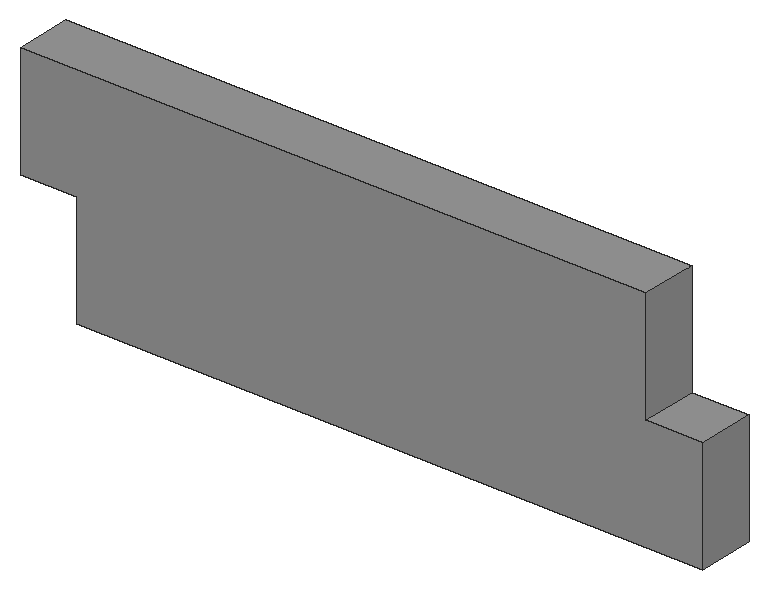
Revit family "Stonepanel_Marina_ESP", category Modelos genéricos, Revit 2015
Parameters (values of type "Stonepanel® SKY Marina")
  Ventajas de Stonepanel = "Eficaz: Instalación ágil y sencilla : 10 veces más rápido que la mampostería tradicional (Ritmo medio de colocación de 20 m2/día). Mayor rentabilidad gracias al menor desperdicio de material en obra y a la durabilidad de un producto natural frente a otros revestimientos. La colocación de los paneles no requiere mano de obra ni maquinaria especializada.\r\nSeguro: Un sistema de anclaje patentado, de acero inoxidable, que permite su instalación a más de 2 metros de altura. Base de cemento homogénea y rugosa que garantiza la adhesión y permite el corte sin desprendimiento.\r\nCalidad: Control permanente del proceso de producción desde la oficina I+D+I. Una cuidada selección de piedra natural realizada por los expertos de CUPASTONE. Disponibilidad de piezas especiales para adaptarse perfectamente a cada edificio: esquinas (macizas, rectas, dobles o para ventanas), cubremuros, y otros complementarios.\r\nEstética: Forma de “S” que evita la visión de las juntas para homogenizar el aspecto final. Gran variedad de paneles para elegir entre colores y acabados de piedra natural. La propia belleza y exclusividad de la piedra natural: Cada piedra es\r\núnica."
  Usos Indicados = "Revestimiento de Paredes exteriores e interiores en edificaciones nuevas o rehabilitaciones"
  Uniclass 2015 = "Pr_25_71_14_56 Natural stone panels"
  Uniclass 2 = "Pr_25_71_14_56 Natural stone panels"
  URL = "http://www.cupastone.es/producto/stonepanel-silvestre/"
  Sistema de anclaje = "Cinta perforada en acero inoxidable:\r\n- Naturaleza del acero: AISI 316 (1.4401) o AISI 304 (1.4301)\r\n- Espesor mínimo (mm) : 0,7\r\n- Ancho (mm) : 12 a 15\r\n- Diámetro del hueco (mm) : 6 ± 1\r\n\r\nTacos:\r\nLa elección de los tacos y clavijas de fijación debe ser realizada teniendo en cuenta la acción en depresión del viento (muros exteriores) y de la resistencia de los tacos en el soporte, en función de la naturaleza del soporte."
  Resistencia al fuego = "No combustible"
  Resistencia a la flexión = "-"
  Resistencia al hielo = "Sin alteraciones despues de 50 ciclos"
  Resistencia = "Buena resistencia"
  Peso = "10,3 kg"
  Oxidación = "No oxida"
  Otros datos de interés del producto = "Dispone de un anclaje para instalar a alturas superiores a 2 metros"
  Omniclass = "23-15 15 15 11"
  Número de serie = "SPZ-66N"
  NBS Reference = "45-25-45/380 Natural stone panels"
  Modelo = "Stonepanel® SKY Silvestre"
  Material = "Panel de arenisca dorada con distintas tonalidades tierra, crema y marrón que conforman una combinación elegante y luminosa."
  Limpieza = "En general, los paneles no requieren mantenimiento y son auto- limpiantes, pero la eliminación de algunos tipos de marcas pueden requerir un tratamiento especializado.\r\nEn caso de suciedad anormal, la superficie puede limpiarse con una mezcla / detergente doméstico y agua caliente , aplicada con una almohadilla de limpieza adecuado o una esponja."
  Largo = 600 mm
  Impacto = "-"
  Imagen de tipo = <Ninguno>
  H1 = 100 mm
  Formato = "600x200"
  Forma de suministro = "Los paneles se presentan en parejas, en un embalaje plástico o en cajas de cartón de 3 o 4 piezas."
  Forma = "Forma de \"s\""
  Fabricante = "Cupastone"
  Envejecimiento por cambio térmicos = "Sin alteraciones después de 20 ciclos."
  Ensayos realizados por SINTEF = "Ensayo a los materiales de piedra, Ensayos a los paneles, Durabilidad y absorción de agua"
  Ensayos realizados por DIBt = "Adherencia entre piedra y mortero, Adherencia entre piedra y mortero tras 50 ciclos de hielo-deshielo"
  Ensayos realizados por BBA = "Resistencia a daños por heladicidad, Resistencia a choque térmico, Adherencia entre piedra y mortero, Resistencia al arrancamiento del anclaje, Resistencia a impacto"
  Ensayos realizados por Avis Technique = "Resistencia mecánica del anclaje, Resistencia mecánica de la cinta de seguridad, Ensayo de durabilidad tras la acción del agua, Ensayo de durabilidad tras la acción del hielo, Ensayo sísmico"
  Durabilidad = "Según el certificado BBA, el sistema tiene una vida de diseño superior a 30 años."
  Detalles constructivos = "Detalles de:\r\n- Instalación con perfil metálico\r\n- Instalación de Stonepanel\r\n- Instalación en muro interior\r\n- Instalación del elemento de seguridad (cinta perforada + tacos)\r\n- Esquinas entrantes\r\n- Esquinas salientes\r\n- Esquinas salientes pre-fabricadas\r\n- Esquinas salientes mediante serrado del panel\r\n- Esquinas salientes sin continuidad de Stonepanel (caso de una fachada lateral)\r\n- Bordes superiores\r\n- Sobre parapeto\r\n- Marco de vano"
  Desfase de altura = 0 mm
  Descripción = "Pieza de piedra natural montada sobre una base de cemento y reforzada con una malla de fibra de vidrio .\r\nPosee sistema de anclaje patentado, de acero inoxidable, que permite su instalación a más de 2 metros de altura"
  Densidad aparente = "93,6 kg/m2"
  Color secundario = "Marrón, Rosáceo y Verde"
  Color principal = "Beige"
  Certificaciones = "BBA - Reino Unido, Avis Technique - Francia, DIBt - Alemania, SINTEF - Noruega"
  Aspecto = "Rústico"
  Ancho = 50 mm
  Alto = 200 mm
  Adherencia del mortero = ">1N/mm2"
  Acabado = "Natural (Opción de acabado Vintage SPZ 55TH)"
  Absorción = "Baja absorción"
Reference planes
  plane 1 "Muro": y = 0
  plane 2 "Centro (Izquierda/Derecha)": x = 125
  plane 3 "Posterior": y = 75
Forms (mm)
  Extrusion 1, solid, material "Stonepanel® SKY Marina"
    sketch origin (0, 160, 1120) x (1, 0, 0) y (0, 0, 1)
      loop
        line (125, -1120) -> (125, -1020) -> (75, -1020) -> (75, -920) -> (-475, -920) -> (-475, -1020) -> (-425, -1020) -> (-425, -1120) -> (125, -1120)
    from 35 to 85
Text (mm)
  text "Cara de colocación" at (-1848.837, 1116.779, 0), in view "Nivel de referencia"
  text "Cara de colocación" at (0, 1409.804, 2854.306), in view "Izquierda"
  text "Cara de colocación" at (0, 499.811, 2980.732), in view "Derecha"
Dimensions and locks
  locked: plane 3 "Posterior" to host wall
  locked: Extrusion 1 to plane 3 "Posterior" at 0
  "Ancho": Extrusion 1 to Extrusion 1
  "Largo": Extrusion 1 to Extrusion 1
  "H1": Extrusion 1 to Extrusion 1
  "H1": level to Extrusion 1
  "Desfase de altura": level to Extrusion 1
  locked: Extrusion 1 to Extrusion 1 at 50  (x2)
  "Alto": Extrusion 1 to Extrusion 1
  aligned and locked: plane 1 "Muro" to host wall
Automatic sketch dimensions
  level to Extrusion 1 sketch curve = 0 mm
  Extrusion 1 sketch curve to plane 2 "Centro (Izquierda/Derecha)" = 0 mm
  Extrusion 1 sketch curve to plane 2 "Centro (Izquierda/Derecha)" = 50 mm
  Extrusion 1 sketch curve to Extrusion 1 sketch curve = 500 mm
  Extrusion 1 sketch curve to Extrusion 1 sketch curve = 50 mm
  level to Extrusion 1 sketch curve = 100 mm  (x2)
  Extrusion 1 sketch curve to Extrusion 1 sketch curve = 100 mm
